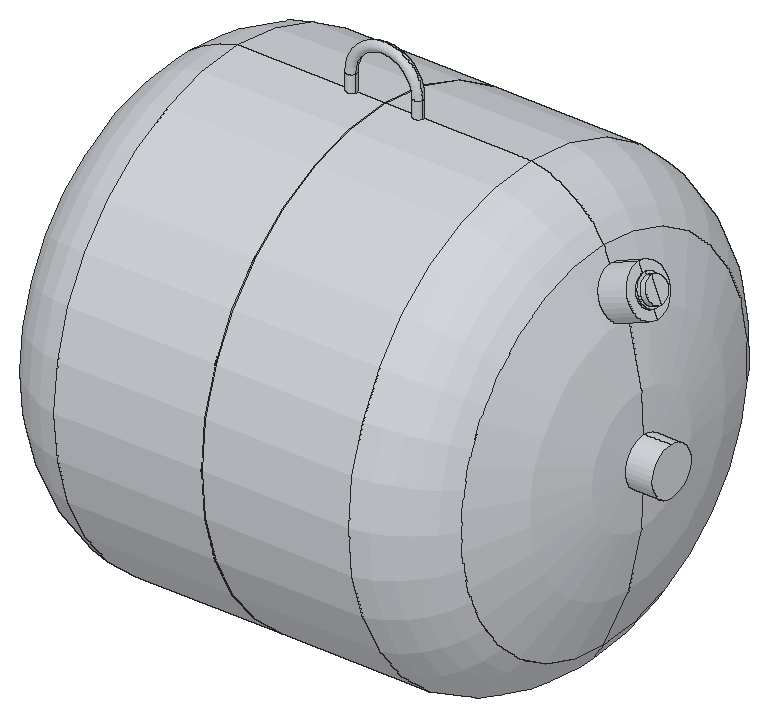
Revit family
Parameters (values of type "AX-80 150# W.P. 10 BAR")
  Weight = "174 lbs"
  Tank Volume = "44.4 Gal"
  Tank Radius = Tank Diameter / 2  # 12.000"
  Tank Length = 27.250"
  Tank Diameter = 24.000"
  Pipe Connector Diameter = Pipe Connection Radius * 2  # 1.250"
  Pipe Connection Radius = 0.625"
  Off Ref Plane = 2.750"
  Model = "AX-80"
  Maximum Acceptance Volume = "29.0 Gal"
  Max Operating Temp = "240 DEG F"
  Max Operating Pressure = "150 PSI"
  Manufacturer = "Amtrol"
  Bladder/Diaphragm = "Diaphragm"
  ASME = no
  1/2 Tank Length = Tank Length / 2  # 13.625"
Types (5): name | Tank Volume | Tank Length | Model | Max Operating Pressure | 1/2 Tank Length
  (no name) | "44.4 Gal" | 27.250" | "AX-80" | "150 PSI" | 13.625"
  AX-100 125# W.P. | "55.7 Gal" | 31.750" | "AX-100" | "125 PSI" | 15.875"
  AX-80 125# W.P. | "44.4 Gal" | 27.250" | "AX-80" | "125 PSI" | 13.625"
  AX-80 150# W.P. 10 BAR | "44.4 Gal" | 27.250" | "AX-80" | "150 PSI" | 13.625"
  AX-100 150# W.P. 10 BAR | "55.7 Gal" | 31.750" | "AX-100" | "150 PSI" | 15.875"
Reference planes (in)
  plane 1 "Center (Front/Back)": y = 0
  plane 2: z = 0
  plane 3 "Center (Left/Right)": x = 0
  plane 4: z = 2.75
Forms (in)
  Revolve 1, solid
    sketch origin (1.01596, 0, 6.86211) x (1, 0, 0) y (0, 0, 1)
      loop
        line (11.1575, 15.29207) -> (11.64157, 14.09398) -> (13.26414, 14.74954) -> (13.07683, 15.21313) -> (13.20228, 15.26381) -> (13.15386, 15.38366) -> (13.47686, 15.51416) -> (13.22852, 16.12882) -> (11.1575, 15.29207)
      axis (11.1575, 15.29207) -> (13.22852, 16.12882)
    angle from 0 to 360
  Revolve 2, solid
    sketch origin (0, 0, 0) x (1, 0, 0) y (0, 0, 1)
      loop
        line (-13.62091, 14.75007) -> (0.00409, 14.75007) -> (0.00409, 26.75007) -> (-7.70421, 26.75007)
        arc (-7.70421, 26.75007) -> (-9.88574, 25.86858) -> (-11.48782, 24.14538) r 5.41757
        arc (-11.48782, 24.14538) -> (-13.18119, 19.59004) -> (-13.62091, 14.75007) r 18.37229
      axis (0.00409, 14.75007) -> (-13.62091, 14.75007)
    angle from 0 to 360
  Revolve 3, solid
    sketch origin (0, 0, 0) x (-1, 0, 0) y (0, 0, 1)
      loop
        line (-13.625, 14.75007) -> (0, 14.75007) -> (0, 26.75007) -> (-7.7083, 26.75007)
        arc (-7.7083, 26.75007) -> (-9.88961, 25.86894) -> (-11.49191, 24.14639) r 5.41862
        arc (-11.49191, 24.14639) -> (-13.18527, 19.59053) -> (-13.625, 14.75007) r 18.37638
      axis (0, 14.75007) -> (-13.625, 14.75007)
    angle from 0 to 360
  Sweep 4, solid
    path origin (0, 0, 0) x (1, 0, 0) y (0, 0, 1)
      loop
        line (13.50394, 14.75007) -> (15.00394, 14.75007)
    profile origin (14.25394, 0, 14.75007) x (0, 0, 1) y (0, -1, 0)
      loop
        circle (0, 0) r 1.25
  Sweep 5, solid
    path origin (0, 0, 0) x (1, 0, 0) y (0, 0, 1)
      loop
        line (-1.75, 26.60176) -> (-1.75, 27.60176)
        arc (-1.75, 27.60176) -> (0, 29.35176) -> (1.75, 27.60176) r 1.75
        line (1.75, 27.60176) -> (1.75, 26.60176)
    profile origin (-1.75, 0, 27.10176) x (-1, 0, 0) y (0, -1, 0)
      loop
        circle (0, 0) r 0.25
Dimensions and locks (in)
  Revolve 1 sketch curve to Revolve 1 sketch curve = 2.23366"
  Revolve 1 sketch curve to Revolve 1 sketch curve = 1.750"
  Revolve 1 sketch curve to Revolve 1 sketch curve = 1.8853"
  plane 4 to plane 2 = 2.750"
  locked: Revolve 2 sketch curve to level at 14.75007
  "1/2 Tank Length": Revolve 2 sketch curve to Revolve 2 sketch curve
  "Tank Radius": Revolve 2 sketch curve to Revolve 2 sketch curve
  "1/2 Tank Length": Revolve 3 sketch curve to Revolve 3 sketch curve
  "Tank Radius": Revolve 3 sketch curve to Revolve 3 sketch curve
  Revolve 3 sketch curve to level = 14.75007"
  Revolve 3 to Sweep 4 sketch curve = 2.01204"
  Revolve 3 to Revolve 2 sketch curve = 0.00409"
  Revolve 3 sketch curve to plane 3 "Center (Left/Right)" = 0.000"
  plane 3 "Center (Left/Right)" to Revolve 3 sketch curve = 0.00409"
  Revolve 3 to Revolve 1 sketch curve = 1.16561"
  Revolve 3 to Revolve 1 sketch curve = 0.68155"
  radius of Revolve 3 sketch curve = 5.41862"
  radius of Revolve 3 sketch curve = 18.37638"
  radius of Revolve 2 sketch curve = 5.41757"
  radius of Revolve 2 sketch curve = 18.37229"
  aligned and locked: Revolve 2 sketch curve to Revolve 2 sketch curve  (x2)
  aligned and locked: Revolve 3 sketch curve to Revolve 3 sketch curve
  aligned and locked: import instance to plane 1 "Center (Front/Back)"
  aligned and locked: import instance to plane 4
Automatic sketch dimensions
  Revolve 1 sketch curve to Revolve 1 sketch curve = 1.21693"
  Revolve 1 sketch curve to Revolve 1 sketch curve = 1.43527"
  Revolve 1 sketch curve to Revolve 1 sketch curve = 0.07703"
  level to Revolve 1 sketch curve = 22.12593"
  Revolve 1 sketch curve to Revolve 1 sketch curve = 0.04842"
  Revolve 1 sketch curve to Revolve 1 sketch curve = 0.88438"
  Revolve 1 sketch curve to Revolve 1 sketch curve = 0.49167"
  Revolve 1 sketch curve to Revolve 1 sketch curve = 0.35731"
  Revolve 2 sketch curve to Revolve 2 sketch curve = 4.12091"
  Revolve 2 sketch curve to Revolve 2 sketch curve = 2.13309"
  Revolve 2 sketch curve to Revolve 2 sketch curve = 3.78361"
  Sweep 4 sketch curve to Sweep 4 sketch curve = 1.500"
  plane 4 to Sweep 4 sketch curve = 12.00007"
  Sweep 4 sketch curve to plane 1 "Center (Front/Back)" = 0.000"
  profile plane to Sweep 4 sketch curve = 0.000"
  Revolve 2 sketch curve to Revolve 2 sketch curve = 0.77227"
  Revolve 3 sketch curve to Revolve 3 sketch curve = 4.12091"
  Revolve 3 sketch curve to Revolve 3 sketch curve = 2.13309"
  Revolve 3 sketch curve to Revolve 3 sketch curve = 0.89046"
  Revolve 3 sketch curve to Revolve 3 sketch curve = 0.77227"
  Sweep 5 sketch curve to plane 3 "Center (Left/Right)" = 0.000"
  plane 4 to Sweep 5 sketch curve = 23.85176"
  Sweep 5 sketch curve to Sweep 5 sketch curve = 0.000"
  Sweep 5 sketch curve to Sweep 5 sketch curve = 1.000"
  Sweep 5 sketch curve to plane 3 "Center (Left/Right)" = 1.750"
  plane 1 "Center (Front/Back)" to Sweep 5 sketch curve = 0.000"
  Sweep 5 sketch curve to profile plane = 0.000"
  radius of Sweep 4 sketch curve = 1.250"
  radius of Sweep 5 sketch curve = 0.250"
Connectors (in)
  piping at (15.00394, 0, 14.75007), driven by "Pipe Connection Radius"
    settings: on Sweep 4, index 1
